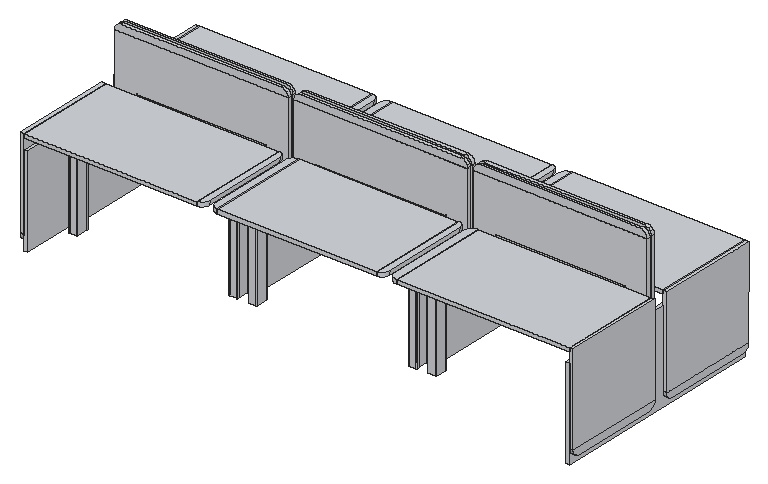
Revit family "Pair_Fade_Table System Final", category Furniture Systems, Revit 2018 (continued)
Definition of nested family "center"
  Definition of nested family "Offset Back"
    Forms (in)
      Extrusion 1, solid, material <- "Nest", visible <- "Base"
        sketch origin (5.99906, 0, 0) x (0, 1, 0) y (0, 0, 1)
          loop
            arc (1.287, 22.8098) -> (1.23397, 22.83177) -> (1.212, 22.8848) r 0.075
            line (1.212, 22.8848) -> (1.212, 28.75) -> (1.1522, 28.75) -> (1.1522, 22.8848)
            arc (1.1522, 22.8848) -> (1.19168, 22.78948) -> (1.287, 22.75) r 0.1348
            line (1.287, 22.75) -> (5.125, 22.75)
            arc (5.125, 22.75) -> (5.22032, 22.78948) -> (5.2598, 22.8848) r 0.1348
        from -29.69984 to 29.69984
      Extrusion 2, solid, material <- "Nest", visible <- "Base"
        sketch origin (5.99906, 0, 0) x (0, 1, 0) y (0, 0, 1)
          loop
            arc (2.7002, 27) -> (2.55375, 26.64645) -> (2.2002, 26.5) r 0.5
            line (2.2002, 26.5) -> (1.1522, 26.5) -> (1.1522, 22.88815)
            arc (1.1522, 22.88815) -> (1.19266, 22.79046) -> (1.29035, 22.75) r 0.13815
            line (1.29035, 22.75) -> (5.12229, 22.75)
            arc (5.12229, 22.75) -> (5.21952, 22.79028) -> (5.2598, 22.88751) r 0.13751
            line (5.2598, 22.88751) -> (5.2598, 24.5) -> (5.2, 24.5) -> (5.2, 27.9402) -> (2.7002, 27.9402) -> (2.7002, 27)
        from -29.7589 to -29.69984
      Extrusion 3, solid, material <- "Nest", visible <- "Base"
        sketch origin (0, 0, 0) x (0, 1, 0) y (0, 0, -1)
          loop
            line (2.7002, -27) -> (2.7002, -27.9402) -> (5.2, -27.9402) -> (5.2, -24.5) -> (5.2598, -24.5) -> (5.2598, -22.88751)
            arc (5.2598, -22.88751) -> (5.21952, -22.79028) -> (5.12229, -22.75) r 0.13751
            line (5.12229, -22.75) -> (1.29035, -22.75)
            arc (1.29035, -22.75) -> (1.19266, -22.79046) -> (1.1522, -22.88815) r 0.13815
            line (1.1522, -22.88815) -> (1.1522, -26.5) -> (2.2002, -26.5)
            arc (2.2002, -26.5) -> (2.55375, -26.64645) -> (2.7002, -27) r 0.5
        from -35.75795 to -35.6989
      Extrusion 4, solid, material <- "Nest", visible <- "Base"
        sketch origin (5.99906, 0, 0) x (0, 1, 0) y (0, 0, 1)
          loop
            line (1.962, 28.075) -> (1.962, 28.3152) -> (1.9022, 28.3152) -> (1.9022, 28.075)
            arc (1.9022, 28.075) -> (1.94168, 27.97968) -> (2.037, 27.9402) r 0.1348
            line (2.037, 27.9402) -> (5.2, 27.9402) -> (5.2, 28) -> (2.037, 28)
            arc (2.037, 28) -> (1.98397, 28.02197) -> (1.962, 28.075) r 0.075
        from -31.18176 to -29.69984
      Extrusion 5, solid, material <- "Nest", visible <- "Base"
        sketch origin (0, 0, 0) x (0, 1, 0) y (0, 0, -1)
          loop
            arc (1.962, -28.075) -> (1.98397, -28.02197) -> (2.037, -28) r 0.075
            line (2.037, -28) -> (5.2, -28) -> (5.2, -27.9402) -> (2.037, -27.9402)
            arc (2.037, -27.9402) -> (1.94168, -27.97968) -> (1.9022, -28.075) r 0.1348
            line (1.9022, -28.075) -> (1.9022, -28.3152) -> (1.962, -28.3152) -> (1.962, -28.075)
        from -37.18081 to -35.6989
      Extrusion 6, void
        sketch origin (0, 0, 0) x (1, 0, 0) y (0, 1, 0)
          loop
            circle (5.99906, 3.17241) r 1.25749
        from 19 to 23.82133
      Extrusion 7, solid, material <- "Base Finish", visible <- "Base"
        sketch origin (5.99906, 0, 0) x (0, 1, 0) y (0, 0, 1)
          loop
            line (18.69, 28) -> (17.94, 28) -> (17.94, 26) -> (18.69, 26) -> (18.69, 28)
          loop
            line (14.06, 28) -> (13.31, 28) -> (13.31, 26) -> (14.06, 26) -> (14.06, 28)
        from -35.51087 to 35.50906
      Extrusion 8, solid, material <- "Base Finish", visible <- "Base"
        sketch origin (0, 0, 0) x (1, 0, 0) y (0, 1, 0)
          loop
            line (-21.99984, 14.125) -> (-21.99984, 17.94) -> (-29.51181, 17.94) -> (-29.51181, 14.125) -> (-21.99984, 14.125)
        from 26 to 27.9402
      Extrusion 9, solid, material <- "Base Finish", visible <- "Base"
        sketch origin (56.99024, 0, 0) x (-1, 0, 0) y (0, -1, 0)
          loop
            line (22.99228, -14.125) -> (15.48031, -14.125) -> (15.48031, -17.94) -> (22.99228, -17.94) -> (22.99228, -14.125)
        from 26 to 27.9402
      Extrusion 10, solid, material <- "Lifting Columns", visible <- "Base"
        sketch origin (0, 0, 0) x (1, 0, 0) y (0, 1, 0)
          loop
            line (40.71156, 14.52362) -> (40.71156, 17.47638) -> (38.93991, 17.47638) -> (38.93991, 14.52362) -> (40.71156, 14.52362)
        from 1.5 to 26
      Extrusion 11, solid, material <- "Lifting Columns", visible <- "Base"
        sketch origin (0, 0, 0) x (1, 0, 0) y (0, 1, 0)
          loop
            line (-28.74172, 17.47638) -> (-28.74172, 14.52362) -> (-26.97007, 14.52362) -> (-26.97007, 17.47638) -> (-28.74172, 17.47638)
        from 1.5 to 26
    Cuts and joins
      Extrusion 6 cuts Extrusion 1
    Dimensions and locks (in)
      equal spacing: plane 4, plane 3 "Center (Left/Right)", plane 5
      "Length": plane 4 to plane 5
      locked: plane 4 to plane 6 at 0.5
      locked: plane 7 to plane 5 at 0.5
      locked: plane 4 to plane 9 at 6.85921
      locked: plane 8 to plane 5 at 6.85921
      locked: Extrusion 2 to plane 9 at 0.05906  (x2)
      locked: plane 8 to Extrusion 3 at 0.05906  (x2)
      locked: Extrusion 4 to plane 9 at 1.48191
      locked: plane 8 to Extrusion 5 at 1.48191
      locked: plane 4 to Extrusion 7 at 1.04819
      locked: Extrusion 7 to plane 5 at 1.05
      locked: Extrusion 8 sketch curve to Extrusion 8 sketch curve at 3.815
      locked: plane 9 to Extrusion 8 sketch curve at 1.70094
      locked: Extrusion 8 sketch curve to plane 9 at 5.81102
      locked: Extrusion 9 sketch curve to Extrusion 9 sketch curve at 3.815
      locked: Extrusion 9 to plane 8 at 1.70094
      locked: plane 8 to Extrusion 9 at 5.81102
      locked: Extrusion 10 sketch curve to Extrusion 10 sketch curve at 1.77165
      locked: Extrusion 10 sketch curve to Extrusion 10 sketch curve at 2.95276
      locked: Extrusion 10 sketch curve to plane 5 at 1.84655
      locked: plane 4 to Extrusion 11 sketch curve at 1.81828
      locked: Extrusion 11 sketch curve to Extrusion 11 sketch curve at 1.77165
      aligned and locked: level to plane 2
      aligned and locked: plane 8 to Extrusion 1
      aligned and locked: plane 9 to Extrusion 1
      aligned and locked: Extrusion 2 to plane 9
      aligned and locked: Extrusion 3 to plane 8
      aligned and locked: plane 8 to Extrusion 3
      aligned and locked: plane 9 to Extrusion 2
      aligned and locked: Extrusion 4 to plane 9
      aligned and locked: Extrusion 5 to plane 8
    Automatic sketch dimensions
      Extrusion 1 sketch curve to Extrusion 1 sketch curve = 0.000"  (x4)
      Extrusion 1 sketch curve to plane 1 "Center (Front/Back)" = 1.1522"
      Extrusion 1 sketch curve to Extrusion 1 sketch curve = 0.0598"
      Extrusion 1 sketch curve to Extrusion 1 sketch curve = 0.075"  (x2)
      Extrusion 1 sketch curve to Extrusion 1 sketch curve = 3.838"
      level to Extrusion 1 sketch curve = 22.750"
      Extrusion 1 sketch curve to Extrusion 1 sketch curve = 1.6152"
      Extrusion 2 sketch curve to plane 1 "Center (Front/Back)" = 1.1522"
      Extrusion 2 sketch curve to Extrusion 2 sketch curve = 0.13815"
      Extrusion 2 sketch curve to Extrusion 2 sketch curve = 1.048"
      Extrusion 2 sketch curve to Extrusion 2 sketch curve = 0.500"
      Extrusion 2 sketch curve to Extrusion 2 sketch curve = 3.83194"
      Extrusion 2 sketch curve to Extrusion 2 sketch curve = 2.4998"
      Extrusion 2 sketch curve to Extrusion 2 sketch curve = 0.13751"
      level to Extrusion 2 sketch curve = 22.750"
      Extrusion 2 sketch curve to Extrusion 2 sketch curve = 1.61249"
      Extrusion 2 sketch curve to Extrusion 2 sketch curve = 3.61185"
      Extrusion 2 sketch curve to Extrusion 2 sketch curve = 0.9402"
      Extrusion 3 sketch curve to plane 1 "Center (Front/Back)" = 1.1522"
      Extrusion 3 sketch curve to Extrusion 3 sketch curve = 0.13815"
      Extrusion 3 sketch curve to Extrusion 3 sketch curve = 1.048"
      Extrusion 3 sketch curve to Extrusion 3 sketch curve = 0.500"
      Extrusion 3 sketch curve to Extrusion 3 sketch curve = 3.83194"
      Extrusion 3 sketch curve to Extrusion 3 sketch curve = 2.4998"
      Extrusion 3 sketch curve to Extrusion 3 sketch curve = 0.13751"
      level to Extrusion 3 sketch curve = 27.9402"
      Extrusion 3 sketch curve to Extrusion 3 sketch curve = 0.9402"
      Extrusion 3 sketch curve to Extrusion 3 sketch curve = 3.4402"
      Extrusion 4 sketch curve to Extrusion 4 sketch curve = 0.000"  (x3)
      Extrusion 4 sketch curve to plane 1 "Center (Front/Back)" = 1.9022"
      Extrusion 4 sketch curve to Extrusion 4 sketch curve = 0.0598"
      Extrusion 4 sketch curve to Extrusion 4 sketch curve = 0.075"
      Extrusion 4 sketch curve to Extrusion 4 sketch curve = 3.163"
      Extrusion 4 sketch curve to Extrusion 4 sketch curve = 0.2402"
      Extrusion 5 sketch curve to Extrusion 5 sketch curve = 0.000"  (x3)
      Extrusion 5 sketch curve to plane 1 "Center (Front/Back)" = 1.9022"
      Extrusion 5 sketch curve to Extrusion 5 sketch curve = 0.0598"
      Extrusion 5 sketch curve to Extrusion 5 sketch curve = 0.075"
      Extrusion 5 sketch curve to Extrusion 5 sketch curve = 3.163"
      Extrusion 5 sketch curve to Extrusion 5 sketch curve = 0.2402"
      Extrusion 6 sketch curve to plane 3 "Center (Left/Right)" = 0.000"
      Extrusion 6 sketch curve to plane 1 "Center (Front/Back)" = 3.17241"
      Extrusion 7 sketch curve to plane 1 "Center (Front/Back)" = 13.310"
      Extrusion 7 sketch curve to Extrusion 7 sketch curve = 0.750"  (x2)
      Extrusion 7 sketch curve to Extrusion 7 sketch curve = 3.880"
      level to Extrusion 7 sketch curve = 26.000"
      Extrusion 7 sketch curve to Extrusion 7 sketch curve = 0.000"
      Extrusion 7 sketch curve to Extrusion 7 sketch curve = 2.000"  (x2)
      Extrusion 8 sketch curve to plane 1 "Center (Front/Back)" = 14.125"
      plane 7 to Extrusion 9 sketch curve = 0.54819"
      plane 8 to Extrusion 9 sketch curve = 1.70094"
      plane 1 "Center (Front/Back)" to Extrusion 9 sketch curve = 14.125"
      Extrusion 10 sketch curve to plane 1 "Center (Front/Back)" = 14.52362"
      Extrusion 11 sketch curve to plane 1 "Center (Front/Back)" = 14.52362"
      Extrusion 11 sketch curve to Extrusion 11 sketch curve = 2.95276"
      Extrusion 1 sketch curve to plane 10 = 0.250"
      Extrusion 4 sketch curve to plane 10 = 1.0598"
      Extrusion 5 sketch curve to plane 10 = 0.6848"
      Extrusion 3 sketch curve to Extrusion 3 sketch curve = 3.61185"
      radius of Extrusion 6 sketch curve = 1.25749"
  Definition of nested family "Nest Screen Back"
    Parameters (values of type "60 Module")
      X = 2
      Y = 3
      Width = 59.500"
      Radius Edge [instance] = yes
      RE [instance] = if(and(Nest, Radius Edge), X = 2, Y = 4)  # yes
      Nest Screen Finish = none
      Nest [instance] = yes
      H [instance] = if(Radius Edge, 19.250", 21.250")  # 19.250"
    Reference planes (in)
      plane 1 "Center Front/Back": y = 0
      plane 2: z = 0
      plane 3 "Center Left/Right": x = 6
      plane 4: z = 21.25
      plane 5: x = 35.75
      plane 6: x = -23.75
      plane 7: y = 0.75
      plane 8: y = 1.55
      plane 9: y = 2.3
      plane 10: z = 19.25
      plane 11: z = 19.25
    Forms (in)
      Extrusion 1, solid, material <- "Nest Screen Finish", visible <- "Nest"
        sketch origin (0, 4, 0) x (1, 0, 0) y (0, 0, 1)
          loop
            line (-23.75, 19.25) -> (-23.75, 0) -> (35.75, 0) -> (35.75, 19.25) -> (-23.75, 19.25)
        from 2.45 to 1.7
      Extrusion 2, solid, material <- "Nest Screen Finish", visible <- "RE"
        sketch origin (0, 0, 0) x (1, 0, 0) y (0, 0, 1)
          loop
            arc (-21.75, 21.25) -> (-23.16421, 20.66421) -> (-23.75, 19.25) r 2
            line (-23.75, 19.25) -> (35.75, 19.25)
            arc (35.75, 19.25) -> (35.16421, 20.66421) -> (33.75, 21.25) r 2
            line (33.75, 21.25) -> (-21.75, 21.25)
        from -2.3 to -1.55
    Dimensions and locks (in)
      locked: plane 4 to level at 21.25
      "Width": plane 5 to plane 6
      locked: plane 1 "Center Front/Back" to plane 7 at 0.75
      locked: plane 7 to plane 8 at 0.8
      locked: plane 8 to plane 9 at 0.75
      locked: plane 4 to plane 11 at 2
      "H": plane 10 to level
      equal spacing: plane 5, plane 3 "Center Left/Right", plane 6
      aligned and locked: level to plane 2
      aligned and locked: Extrusion 1 sketch curve to plane 6
      aligned and locked: Extrusion 1 sketch curve to plane 5
      aligned and locked: Extrusion 1 sketch curve to level
      aligned and locked: plane 8 to Extrusion 1
      aligned and locked: Extrusion 1 to plane 9
      aligned and locked: Extrusion 1 sketch curve to plane 10
      aligned and locked: Extrusion 2 sketch curve to plane 4
      aligned and locked: Extrusion 2 sketch curve to plane 11
      aligned and locked: Extrusion 2 to plane 9
      aligned and locked: plane 8 to Extrusion 2
    Automatic sketch dimensions
      Extrusion 2 sketch curve to plane 5 = 0.000"
      Extrusion 2 sketch curve to plane 6 = 0.000"
      Extrusion 2 sketch curve to plane 11 = 0.000"
  Definition of nested family "Nest Screen Front"
    Parameters (values of type "60 Module")
      X = 2
      Y = 3
      Width = 59.500"
      Radius Edge [instance] = yes
      RE [instance] = if(and(Nest, Radius Edge), X = 2, Y = 4)  # yes
      Nest Screen Finish = none
      Nest [instance] = yes
      H [instance] = if(Radius Edge, 19.250", 21.250")  # 19.250"
    Reference planes (in)
      plane 1 "Center Front/Back": y = 0
      plane 2: z = 0
      plane 3 "Center Left/Right": x = 6
      plane 4: z = 21.25
      plane 5: x = 35.75
      plane 6: x = -23.75
      plane 7: y = 0.75
      plane 8: y = 1.55
      plane 9: y = 2.3
      plane 10: z = 19.25
      plane 11: z = 19.25
    Forms (in)
      Extrusion 1, solid, material <- "Nest Screen Finish", visible <- "Nest"
        sketch origin (0, 0, 0) x (1, 0, 0) y (0, 0, 1)
          loop
            line (-23.75, 19.25) -> (-23.75, 0) -> (35.75, 0) -> (35.75, 19.25) -> (-23.75, 19.25)
        from 0 to -0.75
      Extrusion 2, solid, material <- "Nest Screen Finish", visible <- "RE"
        sketch origin (0, 0, 0) x (1, 0, 0) y (0, 0, 1)
          loop
            arc (-21.75, 21.25) -> (-23.16421, 20.66421) -> (-23.75, 19.25) r 2
            line (-23.75, 19.25) -> (35.75, 19.25)
            arc (35.75, 19.25) -> (35.16421, 20.66421) -> (33.75, 21.25) r 2
            line (33.75, 21.25) -> (-21.75, 21.25)
        from -0.75 to 0
    Dimensions and locks (in)
      locked: plane 4 to level at 21.25
      "Width": plane 5 to plane 6
      locked: plane 1 "Center Front/Back" to plane 7 at 0.75
      locked: plane 7 to plane 8 at 0.8
      locked: plane 8 to plane 9 at 0.75
      locked: plane 4 to plane 11 at 2
      "H": plane 10 to level
      equal spacing: plane 5, plane 3 "Center Left/Right", plane 6
      aligned and locked: level to plane 2
      aligned and locked: Extrusion 1 sketch curve to plane 6
      aligned and locked: Extrusion 1 sketch curve to level
      aligned and locked: Extrusion 1 sketch curve to plane 5
      aligned and locked: Extrusion 1 to plane 1 "Center Front/Back"
      aligned and locked: Extrusion 1 to plane 7
      aligned and locked: Extrusion 1 sketch curve to plane 10
      aligned and locked: Extrusion 2 sketch curve to plane 4
      aligned and locked: Extrusion 2 sketch curve to plane 11
      aligned and locked: Extrusion 2 to plane 1 "Center Front/Back"
      aligned and locked: Extrusion 2 to plane 7
    Automatic sketch dimensions
      Extrusion 2 sketch curve to plane 6 = 0.000"
      Extrusion 2 sketch curve to plane 11 = 0.000"
      Extrusion 2 sketch curve to plane 5 = 0.000"
Definition of nested family "Surface"
  Parameters (values of type "Default")
    non [instance] = yes
    Y = 3
    X = 2
    Width [instance] = 51.120"
    Surface = none
    SE - Offset1 [instance] = if(RE Right, 2.000", 0.000")  # 0.000"
    SE - Offset [instance] = if(RE, 2.000", 0.000")  # 0.000"
    RR [instance] = if(and(non, RE Right), X = 2, Y = 4)  # no
    RL [instance] = if(and(non, RE), X = 2, Y = 4)  # no
    RE Right [instance] = no
    RE [instance] = no
    Height [instance] = 28.000"
  Reference planes (in)
    plane 1 "Center (Front/Back)": y = 0
    plane 2: z = 0
    plane 3 "Center (Left/Right)": x = 0
    plane 4: y = -28
    plane 5: x = 51.12
    plane 6: z = 28
    plane 7: z = 27
    plane 8: x = 0
    plane 9: x = 51.12
    plane 10: x = 2
    plane 11: x = 49.12
    plane 12: x = 25.56
  Forms (in)
    Extrusion 1, solid, material <- "Surface", visible <- "non"
      sketch origin (0, 0, 0) x (1, 0, 0) y (0, 1, 0)
        loop
          line (51.12, 0) -> (0, 0) -> (0, -28) -> (51.12, -28) -> (51.12, 0)
      from 27 to 28
    Extrusion 2, solid, material <- "Surface", visible <- "RL"
      sketch origin (0, 0, 0) x (1, 0, 0) y (0, 1, 0)
        loop
          arc (0, -26) -> (0.58579, -27.41421) -> (2, -28) r 2
          line (2, -28) -> (2, 0)
          arc (2, 0) -> (0.58579, -0.58579) -> (0, -2) r 2
          line (0, -2) -> (0, -26)
      from 27 to 28
    Extrusion 3, solid, material <- "Surface", visible <- "RR"
      sketch origin (0, 0, 0) x (1, 0, 0) y (0, 1, 0)
        loop
          arc (49.12, -28) -> (50.53421, -27.41421) -> (51.12, -26) r 2
          line (51.12, -26) -> (51.12, -2)
          arc (51.12, -2) -> (50.53421, -0.58579) -> (49.12, 0) r 2
          line (49.12, 0) -> (49.12, -28)
      from 27 to 28
  Dimensions and locks (in)
    locked: plane 4 to plane 1 "Center (Front/Back)" at 28
    "Width": plane 3 "Center (Left/Right)" to plane 5
    locked: plane 6 to plane 7 at 1
    "Height": plane 6 to level
    "SE - Offset": plane 3 "Center (Left/Right)" to plane 8
    "SE - Offset1": plane 9 to plane 5
    locked: plane 11 to plane 5 at 2
    equal spacing: plane 3 "Center (Left/Right)", plane 12, plane 5
    aligned and locked: level to plane 2
    aligned and locked: Extrusion 1 sketch curve to plane 1 "Center (Front/Back)"
    aligned and locked: Extrusion 1 sketch curve to plane 4
    aligned and locked: plane 6 to Extrusion 1
    aligned and locked: Extrusion 1 to plane 7
    aligned and locked: Extrusion 1 sketch curve to plane 8
    aligned and locked: Extrusion 1 sketch curve to plane 9
    aligned and locked: plane 3 "Center (Left/Right)" to Extrusion 2 sketch curve
    aligned and locked: Extrusion 2 sketch curve to plane 10
    aligned and locked: plane 6 to Extrusion 2
    aligned and locked: Extrusion 2 to plane 7
    aligned and locked: plane 11 to Extrusion 3 sketch curve
    aligned and locked: Extrusion 3 sketch curve to plane 5
    aligned and locked: plane 6 to Extrusion 3
    aligned and locked: Extrusion 3 to plane 7
  Automatic sketch dimensions
    plane 1 "Center (Front/Back)" to Extrusion 2 sketch curve = 0.000"
    Extrusion 2 sketch curve to plane 4 = 0.000"
    plane 1 "Center (Front/Back)" to Extrusion 3 sketch curve = 0.000"
    Extrusion 3 sketch curve to plane 4 = 0.000"
    Extrusion 3 sketch curve to plane 11 = 0.000"
    Extrusion 2 sketch curve to plane 10 = 0.000"
Definition of nested family "Water Fall"
  Parameters (values of type "Default")
    X = 2
    Y = 3
    Width = 59.500"
    Radius Edge [instance] = yes
    RE [instance] = if(and(Waterfall, Radius Edge), X = 2, Y = 4)  # yes
    Waterfall Finish = none
    Waterfall [instance] = yes
    Height back [instance] = 29.000"
    Height Front [instance] = 29.000"
    H [instance] = if(Radius Edge, 24.750", 26.750")  # 24.750"
  Reference planes (in)
    plane 1 "Center Front/Back": y = 0
    plane 2: z = 0
    plane 3 "Center Left/Right": x = 6
    plane 4: x = 7
    plane 5: z = 29
    plane 6: z = 2.25
    plane 7: z = 29
    plane 8: z = 2.25
  Forms (in)
    Extrusion 1, solid, material <- "Waterfall Finish", visible <- "Waterfall"
      sketch origin (6, 0, 0) x (0, 1, 0) y (0, 0, 1)
        loop
          line (2, 29) -> (2, 4.25) -> (30, 4.25) -> (30, 29) -> (2, 29)
      from 0 to 1
    Extrusion 2, solid, material <- "Waterfall Finish", visible <- "RE"
      sketch origin (6, 0, 0) x (0, 1, 0) y (0, 0, 1)
        loop
          line (30, 4.25) -> (2, 4.25)
          arc (2, 4.25) -> (2.58579, 2.83579) -> (4, 2.25) r 2
          line (4, 2.25) -> (28, 2.25)
          arc (28, 2.25) -> (29.41421, 2.83579) -> (30, 4.25) r 2
      from 0 to 1
    Extrusion 3, solid, material <- "Waterfall Finish", visible <- "RE"
      sketch origin (6, -32, 0) x (0, 1, 0) y (0, 0, 1)
        loop
          line (30, 4.25) -> (2, 4.25)
          arc (2, 4.25) -> (2.58579, 2.83579) -> (4, 2.25) r 2
          line (4, 2.25) -> (28, 2.25)
          arc (28, 2.25) -> (29.41421, 2.83579) -> (30, 4.25) r 2
      from 0 to 1
    Extrusion 4, solid, material <- "Waterfall Finish", visible <- "Waterfall"
      sketch origin (6, 0, 0) x (0, 1, 0) y (0, 0, 1)
        loop
          line (-2, 4.25) -> (-2, 29) -> (-30, 29) -> (-30, 4.25) -> (-2, 4.25)
      from 0 to 1
  Dimensions and locks (in)
    plane 4 to plane 3 "Center Left/Right" = 1.000"
    locked: plane 5 to plane 6 at 26.75
    "Height back": plane 5 to plane 2
    locked: Extrusion 2 sketch curve to plane 6 at 2  (x3)
    "H": plane 5 to Extrusion 1 sketch curve
    "Height Front": level to plane 7
    "H": Extrusion 4 sketch curve to plane 7
    locked: plane 8 to Extrusion 4 at 2  (x2)
    locked: Extrusion 3 sketch curve to plane 8 at 2
    locked: Extrusion 3 sketch curve to Extrusion 3 sketch curve at 2
    locked: plane 7 to plane 8 at 26.75
    aligned and locked: level to plane 2
    aligned and locked: plane 5 to Extrusion 1
    aligned and locked: Extrusion 2 sketch curve to plane 6
    aligned and locked: Extrusion 3 to Extrusion 1
    aligned and locked: Extrusion 1 to Extrusion 2
    aligned and locked: plane 7 to Extrusion 4 sketch curve
    aligned and locked: Extrusion 3 to plane 8
    aligned and locked: Extrusion 3 sketch curve to plane 8
  Automatic sketch dimensions
    Extrusion 2 sketch curve to plane 1 "Center Front/Back" = 2.000"
    Extrusion 2 sketch curve to Extrusion 2 sketch curve = 24.000"
    plane 1 "Center Front/Back" to Extrusion 3 sketch curve = 30.000"
    plane 1 "Center Front/Back" to Extrusion 3 sketch curve = 4.000"
    Extrusion 1 sketch curve to plane 5 = 0.000"
    Extrusion 1 sketch curve to plane 1 "Center Front/Back" = 2.000"
    Extrusion 1 sketch curve to Extrusion 1 sketch curve = 28.000"
    plane 1 "Center Front/Back" to Extrusion 4 sketch curve = 30.000"
    plane 1 "Center Front/Back" to Extrusion 4 sketch curve = 2.000"
Definition of nested family "Surface End"
  Parameters (values of type "Default")
    non [instance] = yes
    Y = 3
    X = 2
    Width [instance] = 51.120"
    Surface = none
    SE - Offset1 [instance] = if(RE Right, 2.000", 0.000")  # 0.000"
    SE - Offset [instance] = if(RE, 2.000", 0.000")  # 0.000"
    RR [instance] = if(and(non, RE Right), X = 2, Y = 4)  # no
    RL [instance] = if(and(non, RE), X = 2, Y = 4)  # no
    RE Right [instance] = no
    RE [instance] = no
    Height [instance] = 28.000"
  Reference planes (in)
    plane 1 "Center (Front/Back)": y = 0
    plane 2: z = 0
    plane 3 "Center (Left/Right)": x = 0
    plane 4: y = -28
    plane 5: x = 51.12
    plane 6: z = 28
    plane 7: z = 27
    plane 8: x = 0
    plane 9: x = 51.12
    plane 10: x = 2
    plane 11: x = 49.12
    plane 12: x = 25.56
  Forms (in)
    Extrusion 1, solid, material <- "Surface", visible <- "non"
      sketch origin (0, 0, 0) x (1, 0, 0) y (0, 1, 0)
        loop
          line (51.12, 0) -> (0, 0) -> (0, -28) -> (51.12, -28) -> (51.12, 0)
      from 27 to 28
    Extrusion 2, solid, material <- "Surface", visible <- "RL"
      sketch origin (0, 0, 0) x (1, 0, 0) y (0, 1, 0)
        loop
          arc (0, -26) -> (0.58579, -27.41421) -> (2, -28) r 2
          line (2, -28) -> (2, 0)
          arc (2, 0) -> (0.58579, -0.58579) -> (0, -2) r 2
          line (0, -2) -> (0, -26)
      from 27 to 28
    Extrusion 3, solid, material <- "Surface", visible <- "RR"
      sketch origin (0, 0, 0) x (1, 0, 0) y (0, 1, 0)
        loop
          arc (49.12, -28) -> (50.53421, -27.41421) -> (51.12, -26) r 2
          line (51.12, -26) -> (51.12, -2)
          arc (51.12, -2) -> (50.53421, -0.58579) -> (49.12, 0) r 2
          line (49.12, 0) -> (49.12, -28)
      from 27 to 28
  Dimensions and locks (in)
    locked: plane 4 to plane 1 "Center (Front/Back)" at 28
    "Width": plane 3 "Center (Left/Right)" to plane 5
    locked: plane 6 to plane 7 at 1
    "Height": plane 6 to level
    "SE - Offset": plane 3 "Center (Left/Right)" to plane 8
    "SE - Offset1": plane 9 to plane 5
    locked: plane 11 to plane 5 at 2
    equal spacing: plane 3 "Center (Left/Right)", plane 12, plane 5
    aligned and locked: level to plane 2
    aligned and locked: Extrusion 1 sketch curve to plane 1 "Center (Front/Back)"
    aligned and locked: Extrusion 1 sketch curve to plane 4
    aligned and locked: plane 6 to Extrusion 1
    aligned and locked: Extrusion 1 to plane 7
    aligned and locked: Extrusion 1 sketch curve to plane 8
    aligned and locked: Extrusion 1 sketch curve to plane 9
    aligned and locked: plane 3 "Center (Left/Right)" to Extrusion 2 sketch curve
    aligned and locked: Extrusion 2 sketch curve to plane 10
    aligned and locked: plane 6 to Extrusion 2
    aligned and locked: Extrusion 2 to plane 7
    aligned and locked: plane 11 to Extrusion 3 sketch curve
    aligned and locked: Extrusion 3 sketch curve to plane 5
    aligned and locked: plane 6 to Extrusion 3
    aligned and locked: Extrusion 3 to plane 7
  Automatic sketch dimensions
    plane 1 "Center (Front/Back)" to Extrusion 2 sketch curve = 0.000"
    Extrusion 2 sketch curve to plane 4 = 0.000"
    plane 1 "Center (Front/Back)" to Extrusion 3 sketch curve = 0.000"
    Extrusion 3 sketch curve to plane 4 = 0.000"
    Extrusion 3 sketch curve to plane 11 = 0.000"
    Extrusion 2 sketch curve to plane 10 = 0.000"
Definition of nested family "Side Screen"
  Parameters (values of type "default")
    Y = 3
    X = 2
    Side Screen [instance] = yes
    Side Screen Finish = none
    Radius Edge [instance] = yes
    RE [instance] = if(and(Side Screen, Radius Edge), X = 2, Y = 4)  # yes
    Height = 60.000"
    H [instance] = if(Radius Edge, Height - 2.000", Height)  # 58.000"
  Types (2): name
    default
    60" H
  Reference planes (in)
    plane 1 "Center Front/Back": y = 0
    plane 2: z = 0
    plane 3 "Center Left/Right": x = 0
    plane 4: z = 60
    plane 5: x = 0.94
    plane 6: y = 60
    plane 7: z = 58
    plane 8: z = 58
    plane 9: y = 30
    plane 10: x = 0.47
    plane 11: y = 30
  Forms (in)
    Extrusion 1, solid, material <- "Side Screen Finish", visible <- "Side Screen"
      sketch origin (0.94, 24, 0) x (0, 1, 0) y (0, 0, 1)
        loop
          line (-24, 58) -> (-24, 0) -> (5.06, 0) -> (5.06, 18.25)
          arc (5.06, 18.25) -> (5.13322, 18.42678) -> (5.31, 18.5) r 0.25
          line (5.31, 18.5) -> (6.69, 18.5)
          arc (6.69, 18.5) -> (6.86678, 18.42678) -> (6.94, 18.25) r 0.25
          line (6.94, 18.25) -> (6.94, 0) -> (36, 0) -> (36, 58) -> (-24, 58)
      from 0 to -0.94
    Extrusion 2, solid, material <- "Side Screen Finish", visible <- "RE"
      sketch origin (0, 0, 0) x (0, 1, 0) y (0, 0, 1)
        loop
          arc (2, 60) -> (0.58579, 59.41421) -> (0, 58) r 2
          line (0, 58) -> (60, 58)
          arc (60, 58) -> (59.41421, 59.41421) -> (58, 60) r 2
          line (58, 60) -> (2, 60)
      from 0 to 0.94
  Dimensions and locks (in)
    locked: Extrusion 1 sketch curve to Extrusion 1 sketch curve at 1.88
    locked: Extrusion 1 sketch curve to level at 18.5
    "Height": plane 4 to level
    plane 1 "Center Front/Back" to plane 6 = 60.000"
    "H": plane 7 to level
    locked: plane 4 to plane 8 at 2
    equal spacing: plane 1 "Center Front/Back", plane 9, plane 6
    locked: Extrusion 1 sketch curve to plane 9 at 0.94
    aligned and locked: level to plane 2
    aligned and locked: Extrusion 1 sketch curve to level  (x2)
    aligned and locked: Extrusion 1 to plane 3 "Center Left/Right"
    aligned and locked: Extrusion 1 to plane 5
    aligned and locked: plane 1 "Center Front/Back" to Extrusion 1 sketch curve
    aligned and locked: plane 6 to Extrusion 1 sketch curve
    aligned and locked: Extrusion 1 sketch curve to plane 7
    aligned and locked: Extrusion 2 sketch curve to plane 8
    aligned and locked: Extrusion 2 sketch curve to plane 4
    aligned and locked: Extrusion 2 to plane 3 "Center Left/Right"
    aligned and locked: Extrusion 2 to plane 5
  Automatic sketch dimensions
    Extrusion 2 sketch curve to plane 1 "Center Front/Back" = 0.000"
    Extrusion 2 sketch curve to plane 6 = 0.000"
    plane 8 to Extrusion 2 sketch curve = 0.000"
    Extrusion 1 sketch curve to Extrusion 1 sketch curve = 0.250"  (x2)
Types (16): name | Waterfall Right | W Right | W Left | Intermediate Ref | End Ref | Non Waterfall Left | Non Water fall edge Left | Intermediate Surface | Right End Surface | D | 2pk & Left End Surface Width | Waterfall Left | Non Waterfall Right | Non Water fall edge Right | End Panel Offset | 8pk End Panel | 6pk End Panel | 4th Surface | 4pk End Panel | 3rd Surface | 2nd Surface | Side Screen Height | Side Screen 60"H | Side Screen | S8PK | S6PK | S4PK | S10PK | Nest Screen width | M 72 | M 60 | M 48 | Height | F8PK | F6PK | F4PK | F10PK | Base Length | 8pk | 6pk | 4pk | 10pk End Panel | 10pk
  (no name) | yes | yes | yes | 47.622" | 49.374" | no | no | 47.622" | 49.374" | 0.750" | 49.374" | yes | no | no | 147.36614" | no | yes | no | no | no | yes | 48.000" | no | no | no | no | no | no | 47.62205" | no | no | yes | 29.000" | no | yes | yes | no | 49.12205" | no | yes | yes | no | no
  48" Module - 2pk | no | no | no | 47.622" | 51.120" | yes | yes | 47.622" | 51.120" | 0.750" | 51.120" | no | yes | yes | 49.12205" | no | no | no | no | no | no | 48.000" | no | no | no | no | no | no | 47.62205" | no | no | yes | 29.000" | no | no | no | no | 49.12205" | no | no | no | no | no
  60" Module - 2pk | yes | no | no | 59.618" | 63.120" | yes | yes | 59.618" | 63.120" | 0.750" | 63.120" | no | no | no | 61.11811" | no | no | no | no | no | no | 48.000" | no | no | no | no | no | no | 59.61811" | no | yes | no | 29.000" | no | no | no | no | 61.11811" | no | no | no | no | no
  72" Module - 2pk | yes | no | no | 71.618" | 75.120" | yes | yes | 71.618" | 75.120" | 0.750" | 75.120" | no | no | no | 73.11811" | no | no | no | no | no | no | 48.000" | no | no | no | no | no | no | 71.61811" | yes | no | no | 29.000" | no | no | no | no | 73.11811" | no | no | no | no | no
  48" Module - 4pk | yes | yes | yes | 47.622" | 49.374" | no | no | 46.622" | 48.874" | 1.250" | 48.874" | yes | no | no | 98.24409" | no | no | no | yes | no | no | 48.000" | no | yes | no | no | yes | no | 46.62205" | no | no | yes | 29.000" | no | no | yes | no | 49.12205" | no | no | yes | no | no
  60" Module - 4pk | yes | yes | no | 59.618" | 61.370" | yes | yes | 58.618" | 60.870" | 1.250" | 60.870" | no | no | no | 122.23622" | no | no | no | yes | no | no | 48.000" | no | yes | no | no | yes | no | 58.61811" | no | yes | no | 29.000" | no | no | yes | no | 61.11811" | no | no | yes | no | no
  72" Module - 4pk | no | no | yes | 71.618" | 73.370" | no | no | 70.618" | 72.870" | 1.250" | 72.870" | yes | yes | yes | 146.23622" | no | no | no | yes | no | no | 48.000" | no | yes | no | no | yes | no | 70.61811" | yes | no | no | 29.000" | no | no | yes | no | 73.11811" | no | no | yes | no | no
  48" Module - 6pk | yes | yes | yes | 47.622" | 49.374" | no | no | 47.622" | 49.374" | 0.750" | 49.374" | yes | no | no | 147.36614" | no | yes | no | no | no | yes | 48.000" | no | no | no | no | no | no | 47.62205" | no | no | yes | 29.000" | no | yes | yes | no | 49.12205" | no | yes | yes | no | no
  60" Module - 6pk | yes | yes | yes | 59.618" | 61.370" | no | no | 59.618" | 61.370" | 0.750" | 61.370" | yes | no | no | 183.35433" | no | yes | no | no | no | yes | 48.000" | no | no | no | no | no | no | 59.61811" | no | yes | no | 29.000" | no | yes | yes | no | 61.11811" | no | yes | yes | no | no
  72" Module - 6pk | yes | yes | yes | 71.618" | 73.370" | no | no | 71.618" | 73.370" | 0.750" | 73.370" | yes | no | no | 219.35433" | no | yes | no | no | no | yes | 48.000" | no | no | no | no | no | no | 71.61811" | yes | no | no | 29.000" | no | yes | yes | no | 73.11811" | no | yes | yes | no | no
  48" Module - 8pk | yes | yes | yes | 47.622" | 49.374" | no | no | 47.622" | 49.374" | 0.750" | 49.374" | yes | no | no | 196.48819" | yes | no | no | no | yes | yes | 48.000" | no | no | no | no | no | no | 47.62205" | no | no | yes | 29.000" | yes | yes | yes | no | 49.12205" | yes | yes | yes | no | no
  60" Module - 8pk | yes | yes | yes | 59.618" | 61.370" | no | no | 59.618" | 61.370" | 0.750" | 61.370" | yes | no | no | 244.47244" | yes | no | no | no | yes | yes | 48.000" | no | no | no | no | no | no | 59.61811" | no | yes | no | 29.000" | yes | yes | yes | no | 61.11811" | yes | yes | yes | no | no
  72" Module - 8pk | yes | yes | yes | 71.618" | 73.370" | no | no | 70.618" | 72.870" | 1.250" | 72.870" | yes | no | no | 292.47244" | yes | no | no | no | yes | yes | 48.000" | no | yes | yes | yes | yes | no | 70.61811" | yes | no | no | 29.000" | yes | yes | yes | no | 73.11811" | yes | yes | yes | no | no
  48" Module - 10pk | yes | yes | yes | 47.622" | 49.374" | no | no | 47.622" | 49.374" | 0.750" | 49.374" | yes | no | no | 245.61024" | no | no | yes | no | yes | yes | 60.000" | yes | no | no | no | no | no | 47.62205" | no | no | yes | 0.000" | yes | yes | yes | yes | 49.12205" | yes | yes | yes | yes | yes
  60" Module - 10pk | yes | yes | yes | 59.618" | 61.370" | no | no | 58.618" | 60.870" | 1.250" | 60.870" | yes | no | no | 305.59055" | no | no | yes | no | yes | yes | 48.000" | no | yes | yes | yes | yes | yes | 58.61811" | no | yes | no | 29.000" | yes | yes | yes | yes | 61.11811" | yes | yes | yes | yes | yes
  72" Module - 10pk | yes | yes | no | 71.618" | 73.370" | yes | yes | 70.618" | 72.870" | 1.250" | 72.870" | no | no | no | 365.59055" | no | no | yes | no | yes | yes | 48.000" | no | yes | yes | yes | yes | yes | 70.61811" | yes | no | no | 29.000" | yes | yes | yes | yes | 73.11811" | yes | yes | yes | yes | yes
